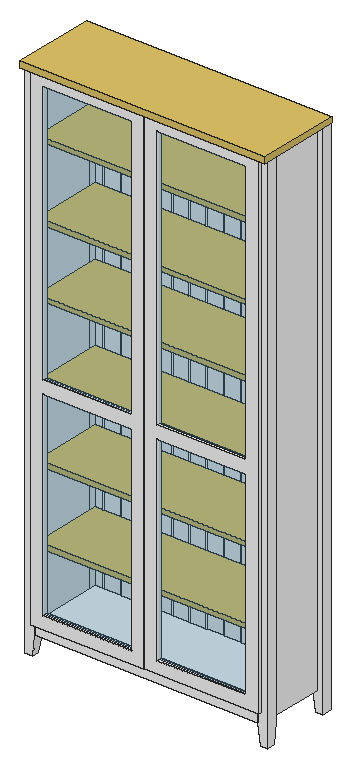
Revit family "Ikea-Hemnes", category Furniture, Revit 2015
Reference planes
  plane 1 "Center (Front/Back)": y = 0
  plane 2: z = 0
  plane 3 "Center (Left/Right)": x = 0
Forms (mm)
  Extrusion 1, solid, material "maling - hvit"
    sketch origin (455, 0, 0) x (1, 0, 0) y (0, 1, 0)
      loop
        line (0, 0) -> (0, -40) -> (40, -40) -> (40, 0) -> (0, 0)
    from 0 to 2145
  Extrusion 2, solid, material "maling - hvit"
    sketch origin (455, -280, 0) x (1, 0, 0) y (0, 1, 0)
      loop
        line (0, 0) -> (0, -40) -> (40, -40) -> (40, 0) -> (0, 0)
    from 0 to 2145
  Extrusion 3, solid, material "maling - hvit"
    sketch origin (0, 0, 0) x (1, 0, 0) y (0, 1, 0)
      loop
        line (455, -40) -> (455, -280) -> (470, -280) -> (470, -40) -> (455, -40)
    from 80 to 2145
  Extrusion 4, solid, material "maling - hvit"
    sketch origin (-455, 0, 0) x (-1, 0, 0) y (0, -1, 0)
      loop
        line (0, 0) -> (40, 0) -> (40, 40) -> (0, 40) -> (0, 0)
    from 0 to 2145
  Extrusion 5, solid, material "maling - hvit"
    sketch origin (-455, -280, 0) x (-1, 0, 0) y (0, -1, 0)
      loop
        line (0, 0) -> (40, 0) -> (40, 40) -> (0, 40) -> (0, 0)
    from 0 to 2145
  Extrusion 6, solid, material "maling - hvit"
    sketch origin (0, 0, 0) x (-1, 0, 0) y (0, -1, 0)
      loop
        line (455, 40) -> (470, 40) -> (470, 280) -> (455, 280) -> (455, 40)
    from 80 to 2145
  Extrusion 7, solid, material "maling - hvit"
    sketch origin (0, 0, 0) x (1, 0, 0) y (0, 1, 0)
      loop
        line (-455, -320) -> (455, -320) -> (455, 0) -> (-455, 0) -> (-455, -320)
    from 80 to 130
  Extrusion 8, solid, material "maling - hvit"
    sketch origin (0, 0, 0) x (1, 0, 0) y (0, 1, 0)
      loop
        line (-455, 0) -> (-455, -15) -> (-420, -15) -> (-416.464, -11.464) -> (-412.929, -15) -> (-350, -15) -> (-346.464, -11.464) -> (-342.929, -15) -> (-280, -15) -> (-276.464, -11.464) -> (-272.929, -15) -> (-210, -15) -> (-206.464, -11.464) -> (-202.929, -15) -> (-140, -15) -> (-136.464, -11.464) -> (-132.929, -15) -> (-70, -15) -> (-66.464, -11.464) -> (-62.929, -15) -> (0, -15) -> (3.536, -11.464) -> (7.071, -15) -> (70, -15) -> (73.536, -11.464) -> (77.071, -15) -> (140, -15) -> (143.536, -11.464) -> (147.071, -15) -> (210, -15) -> (213.536, -11.464) -> (217.071, -15) -> (280, -15) -> (283.536, -11.464) -> (287.071, -15) -> (350, -15) -> (353.536, -11.464) -> (357.071, -15) -> (420, -15) -> (423.536, -11.464) -> (427.071, -15) -> (455, -15) -> (455, 0) -> (-455, 0)
    from 130 to 2145
  Extrusion 9, solid, material "Pine, Southern"
    sketch origin (0, 0, 0) x (1, 0, 0) y (0, 1, 0)
      loop
        line (-500, 0) -> (-500, -340) -> (500, -340) -> (500, 0) -> (-500, 0)
    from 2145 to 2170
  Extrusion 10, solid, material "Pine, Southern"
    sketch origin (0, 0, -65) x (1, 0, 0) y (0, 0, 1)
      loop
        line (-455, 462.892) -> (455, 462.892) -> (455, 482.892) -> (-455, 482.892) -> (-455, 462.892)
    from 15 to 308
  Extrusion 11, solid, material "Pine, Southern"
    sketch origin (0, 0, 235) x (1, 0, 0) y (0, 0, 1)
      loop
        line (-455, 462.892) -> (455, 462.892) -> (455, 482.892) -> (-455, 482.892) -> (-455, 462.892)
    from 15 to 308
  Extrusion 12, solid, material "Pine, Southern"
    sketch origin (0, 0, 1420) x (1, 0, 0) y (0, 0, 1)
      loop
        line (-455, 462.892) -> (455, 462.892) -> (455, 482.892) -> (-455, 482.892) -> (-455, 462.892)
    from 15 to 308
  Extrusion 13, solid, material "Pine, Southern"
    sketch origin (0, 0, 1120) x (1, 0, 0) y (0, 0, 1)
      loop
        line (-455, 462.892) -> (455, 462.892) -> (455, 482.892) -> (-455, 482.892) -> (-455, 462.892)
    from 15 to 308
  Extrusion 14, solid, material "Pine, Southern"
    sketch origin (0, 0, 840) x (1, 0, 0) y (0, 0, 1)
      loop
        line (-455, 462.892) -> (455, 462.892) -> (455, 482.892) -> (-455, 482.892) -> (-455, 462.892)
    from 15 to 308
  Extrusion 15, solid, material "maling - hvit"
    sketch origin (0, 0, 0) x (1, 0, 0) y (0, 0, 1)
      loop
        line (-465, 120) -> (-2, 120) -> (-2, 2155) -> (-465, 2155) -> (-465, 120)
      loop
        line (-415, 2105) -> (-415, 1030) -> (-52, 1030) -> (-52, 2105) -> (-415, 2105)
      loop
        line (-415, 170) -> (-52, 170) -> (-52, 980) -> (-415, 980) -> (-415, 170)
    from 320 to 330
  Extrusion 16, solid, material "Glass"
    sketch origin (0, 0, 0) x (1, 0, 0) y (0, 0, 1)
      loop
        line (-415, 2105) -> (-415, 1030) -> (-52, 1030) -> (-52, 2105) -> (-415, 2105)
      loop
        line (-415, 980) -> (-415, 170) -> (-52, 170) -> (-52, 980) -> (-415, 980)
    from 324 to 318
  Extrusion 17, solid, material "maling - hvit"
    sketch origin (0, 0, 0) x (1, 0, 0) y (0, 0, 1)
      loop
        line (8, 2145) -> (-455, 2145) -> (-455, 130) -> (8, 130) -> (8, 2145)
      loop
        line (-415, 2105) -> (-415, 1030) -> (-52, 1030) -> (-52, 2105) -> (-415, 2105)
      loop
        line (-415, 170) -> (-52, 170) -> (-52, 980) -> (-415, 980) -> (-415, 170)
    from 310 to 320
  Extrusion 18, solid, material "maling - hvit"
    sketch origin (0, 0, 0) x (-1, 0, 0) y (0, 0, -1)
      loop
        line (-465, -120) -> (-465, -2155) -> (-2, -2155) -> (-2, -120) -> (-465, -120)
      loop
        line (-415, -2105) -> (-52, -2105) -> (-52, -1030) -> (-415, -1030) -> (-415, -2105)
      loop
        line (-415, -170) -> (-415, -980) -> (-52, -980) -> (-52, -170) -> (-415, -170)
    from 320 to 330
  Extrusion 19, solid, material "Glass"
    sketch origin (0, 0, 0) x (-1, 0, 0) y (0, 0, -1)
      loop
        line (-415, -2105) -> (-52, -2105) -> (-52, -1030) -> (-415, -1030) -> (-415, -2105)
      loop
        line (-415, -980) -> (-52, -980) -> (-52, -170) -> (-415, -170) -> (-415, -980)
    from 324 to 318
  Extrusion 20, solid, material "maling - hvit"
    sketch origin (0, 0, 0) x (-1, 0, 0) y (0, 0, -1)
      loop
        line (-12, -2145) -> (-12, -130) -> (-455, -130) -> (-455, -2145) -> (-12, -2145)
      loop
        line (-415, -2105) -> (-52, -2105) -> (-52, -1030) -> (-415, -1030) -> (-415, -2105)
      loop
        line (-415, -170) -> (-415, -980) -> (-52, -980) -> (-52, -170) -> (-415, -170)
    from 310 to 320
  Extrusion 21, solid, material "Pine, Southern"
    sketch origin (0, 0, 525) x (1, 0, 0) y (0, 0, 1)
      loop
        line (-455, 462.892) -> (455, 462.892) -> (455, 482.892) -> (-455, 482.892) -> (-455, 462.892)
    from 15 to 308
  Extrusion 22, void
    sketch origin (0, 0, 0) x (1, 0, 0) y (0, 0, 1)
      loop
        line (-455, 80) -> (-465, 0) -> (-455, 0) -> (-455, 80)
    from 0 to 320
  Extrusion 23, void
    sketch origin (0, 0, 0) x (1, 0, 0) y (0, 0, 1)
      loop
        line (455, 80) -> (455, 0) -> (465, 0) -> (455, 80)
    from 0 to 320
  Extrusion 24, void
    sketch origin (0, 0, 0) x (0, 1, 0) y (0, 0, 1)
      loop
        line (-280, 80) -> (-290, 0) -> (-280, 0) -> (-280, 80)
    from 495 to -495
Cuts and joins
  Extrusion 22, Extrusion 23, Extrusion 24 cuts Extrusion 1
  Extrusion 22, Extrusion 23, Extrusion 24 cuts Extrusion 2
  Extrusion 22, Extrusion 23, Extrusion 24 cuts Extrusion 4
  Extrusion 22, Extrusion 23, Extrusion 24 cuts Extrusion 5
  joined: Extrusion 1, Extrusion 2, Extrusion 4, Extrusion 5
  joined: Extrusion 15, Extrusion 17
  joined: Extrusion 18, Extrusion 20
Lines and regions (mm)
  symbolic lines, style "FurnitureHiddenLines"
    curve 1: arc (-35.195, -508.031, 0) -> (-10.37, -420.55, 0) -> (-2, -330, 0) r 494
    curve 2: line (-465, -330, 0) -> (-35.195, -508.031, 0)
    curve 3: arc (35.195, -508.031, 0) -> (10.37, -420.55, 0) -> (2, -330, 0) r 494
    curve 4: line (465, -330, 0) -> (35.195, -508.031, 0)
Dimensions and locks
  plane 3 "Center (Left/Right)" to Extrusion 1 = 495 mm
  Extrusion 1 to Extrusion 2 = 320 mm
  aligned and locked: level to plane 2
